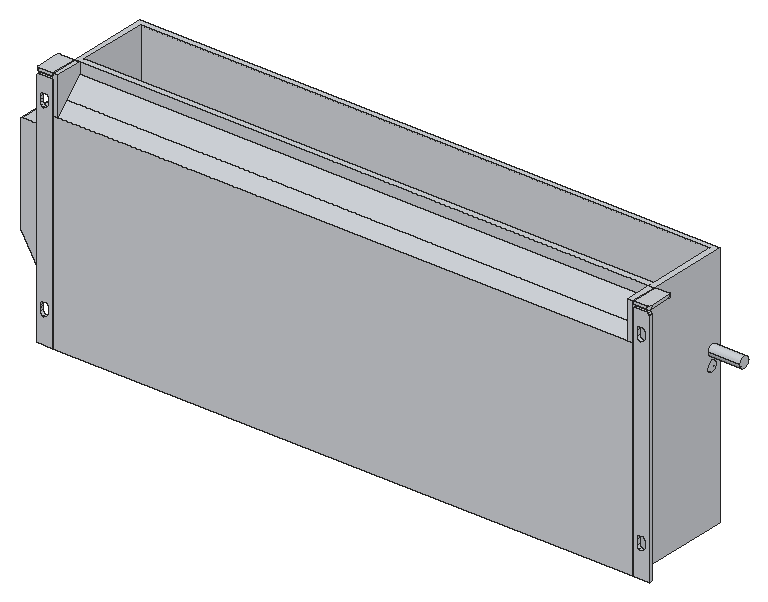
Revit family "Midea_FCU_two pipe 2th Ceiling&Floor MKH3-700R3(R4)(DC50,60Hz)-Floor", category Mechanical Equipment, Revit 2013
Parameters (values of type "MKH3-700-R4")
  clearance access up = 1500.000 mm
  clearance access right = 150.000 mm
  clearance access left = 150.000 mm
  clearance access down = 90.000 mm
  clearance access behind = 50.000 mm
  clearance [instance] = no
  Width = 495.000 mm
  Series = "FCU"
  Rated current = 0.48 A
  Power supply = "220-240V ~50Hz/60Hz"
  Power Input(H/M/L) = "110/89/64 W"
  Panel color = "-"
  Net Weight = 21.70 kg
  Model = "MKH3-700-R4"
  Manufacturer = "Midea"
  Machine material = Galvanized Steel
  Liquid pipe = 19.050 mm
  Installation = "Indoor installation"
  Height = 200.000 mm
  Heating Capacity(H/M/L) = "7.15/5.81/4.04 kW"
  Drain pipe = 18.500 mm
  Description = "High efficiency water cooled"
  Depth = 1360.000 mm
  Cooling Capacity(H/M/L) = "6.75/5.80/4.24 kW"
  Condensation = "water"
  Circuit breaker = 15 A
  Air Flow(H/M/L) = "1150/885/591 m3/h"
Types (3, lengths in mm): name | Rated current | Power Input(H/M/L) | Net Weight | Model | Heating Capacity(H/M/L) | Cooling Capacity(H/M/L) | Air Flow(H/M/L)
  (no name) | 0.48 A | "110/89/64 W" | 21.70 kg | "MKH3-700-R4" | "7.15/5.81/4.04 kW" | "6.75/5.80/4.24 kW" | "1150/885/591 m3/h"
  MKH3-700-R3 | 0.53 A | "123/98/68 W" | 20.50 kg | "MKH3-700-R3" | "6.15/4.92/3.49 kW" | "6.00/5.03/3.71 kW" | "1190/855/555 m3/h"
  MKH3-700-R4 | 0.48 A | "110/89/64 W" | 21.70 kg | "MKH3-700-R4" | "7.15/5.81/4.04 kW" | "6.75/5.80/4.24 kW" | "1150/885/591 m3/h"
Reference planes
  plane 1 "Center (Front/Back)": y = 0
  plane 2: z = 0
  plane 3 "Center (Left/Right)": x = 0
  plane 4: y = -200
  plane 5: z = 455
  plane 6: x = 599
  plane 7: x = -599
  plane 8: z = 445
  plane 9: z = 445
  plane 10: x = -546
  plane 11: z = 355
  plane 12: z = 90
Forms (mm)
  Extrusion 1, solid
    sketch origin (500, 500, 0) x (0, -1, 0) y (0, 0, -1)
      loop
        line (500, -455) -> (650, -455) -> (650, -435) -> (680, -405) -> (700, -385) -> (700, 0) -> (500, 0) -> (500, -455)
    from -1031 to 39
  Extrusion 2, void
    sketch origin (0, 0, 0) x (0, 1, 0) y (0, 0, 1)
      loop
        line (-190, 10) -> (-10, 10) -> (-10, 455) -> (-140, 455) -> (-140, 430.858) -> (-190, 380.858) -> (-190, 10)
    from -521.233 to 528.738
  Extrusion 3, solid
    sketch origin (0, 0, 0) x (0, 1, 0) y (0, 0, 1)
      loop
        line (-200, 385) -> (-150, 435) -> (-150, 455) -> (-200, 455) -> (-200, 385)
    from 528.738 to 539
  Extrusion 4, solid
    sketch origin (0, 0, 0) x (0, 1, 0) y (0, 0, -1)
      loop
        line (-200, -385) -> (-200, -455) -> (-150, -455) -> (-150, -435) -> (-200, -385)
    from 521.233 to 531
  Extrusion 5, solid
    sketch origin (54, 0, 0) x (1, 0, 0) y (0, 1, 0)
      loop
        arc (-610, -150) -> (-613.536, -151.464) -> (-615, -155) r 5
        line (-615, -155) -> (-615, -195)
        arc (-615, -195) -> (-613.536, -198.536) -> (-610, -200) r 5
        line (-610, -200) -> (-585, -200) -> (-585, -150) -> (-610, -150)
      loop
        line (510, -150) -> (485, -150) -> (485, -200) -> (510, -200)
        arc (510, -200) -> (513.536, -198.536) -> (515, -195) r 5
        line (515, -195) -> (515, -155)
        arc (515, -155) -> (513.536, -151.464) -> (510, -150) r 5
    from 450 to 455
  Extrusion 6, solid
    sketch origin (54, 0, 0) x (1, 0, 0) y (0, 0, 1)
      loop
        line (485, 445) -> (485, 0) -> (515, 0) -> (515, 440)
        arc (515, 440) -> (513.536, 443.536) -> (510, 445) r 5
        line (510, 445) -> (485, 445)
      loop
        line (-585, 445) -> (-610, 445)
        arc (-610, 445) -> (-613.536, 443.536) -> (-615, 440) r 5
        line (-615, 440) -> (-615, 0) -> (-585, 0) -> (-585, 445)
      loop
        line (492.5, 410) -> (492.5, 400)
        arc (492.5, 400) -> (500, 392.5) -> (507.5, 400) r 7.5
        line (507.5, 400) -> (507.5, 405) -> (507.5, 410)
        arc (507.5, 410) -> (500, 417.5) -> (492.5, 410) r 7.5
      loop
        arc (-592.5, 410) -> (-600, 417.5) -> (-607.5, 410) r 7.5
        line (-607.5, 410) -> (-607.5, 405) -> (-607.5, 400)
        arc (-607.5, 400) -> (-600, 392.5) -> (-592.5, 400) r 7.5
        line (-592.5, 400) -> (-592.5, 410)
      loop
        arc (-592.5, 65) -> (-600, 72.5) -> (-607.5, 65) r 7.5
        line (-607.5, 65) -> (-607.5, 60) -> (-607.5, 55)
        arc (-607.5, 55) -> (-600, 47.5) -> (-592.5, 55) r 7.5
        line (-592.5, 55) -> (-592.5, 65)
      loop
        line (492.5, 65) -> (492.5, 55)
        arc (492.5, 55) -> (500, 47.5) -> (507.5, 55) r 7.5
        line (507.5, 55) -> (507.5, 60) -> (507.5, 65)
        arc (507.5, 65) -> (500, 72.5) -> (492.5, 65) r 7.5
    from 195 to 200
  Extrusion 7, solid
    sketch origin (-271, 0, 0) x (1, 0, 0) y (0, 0, 1)
      loop
        line (-260, 355) -> (-323, 355)
        arc (-323, 355) -> (-326.536, 353.536) -> (-328, 350) r 5
        line (-328, 350) -> (-328, 176.897)
        arc (-328, 176.897) -> (-327.633, 173.45) -> (-326.332, 170.236) r 12.496
        line (-326.332, 170.236) -> (-280.877, 91.519)
        arc (-280.877, 91.519) -> (-279.983, 90.487) -> (-278.708, 90) r 2.801
        line (-278.708, 90) -> (-260, 90) -> (-260, 355)
    from 30 to 190
  Extrusion 8, solid
    sketch origin (500, 500, 0) x (0, -1, 0) y (0, 0, -1)
      loop
        circle (519.525, -295.408) r 9.525
    from 39 to 99
  Extrusion 9, solid
    sketch origin (-500, 500, 0) x (0, -1, 0) y (0, 0, 1)
      loop
        circle (519.525, 295.408) r 9.525
    from 31 to 99
  Extrusion 10, solid
    sketch origin (500, 498.342, 0) x (0, -1, 0) y (0, 0, -1)
      loop
        circle (517.592, -267.659) r 9.25
    from 28.738 to 39
  Extrusion 11, solid
    sketch origin (-500, 498.342, 0) x (0, -1, 0) y (0, 0, 1)
      loop
        circle (517.592, 267.659) r 9.25
    from 21.233 to 31
Cuts and joins
  Extrusion 2 cuts Extrusion 1
Dimensions and locks
  aligned and locked: level to plane 2
Nested families
  nested 1: "Midea service space" at (-749, -200, 0), visible <- "clearance", type "Midea Service  Space"
    with Width 150.000 mm, Height 455.000 mm, Depth 200.000 mm
  nested 2: "Midea service space" at (599, -200, 0), visible <- "clearance", type "Midea Service  Space"
    with Width 150.000 mm, Height 455.000 mm, Depth 200.000 mm
  nested 3: "Midea service space" at (-599, 0, 0), visible <- "clearance", type "Midea Service  Space"
    with Width 1198.000 mm, Height 455.000 mm, Depth 50.000 mm
  nested 4: "Midea service space" at (-599, -200, 455), visible <- "clearance", type "Midea Service  Space"
    with Width 1198.000 mm, Height 1500.000 mm, Depth 200.000 mm
  nested 5: "Midea service space" at (-599, -200, -90), visible <- "clearance", type "Midea Service  Space"
    with Width 1198.000 mm, Height 90.000 mm, Depth 200.000 mm
Connectors
  piping at (-599, -19.525, 295.408)
    settings: on Extrusion 9, index 1, connector radius 3/8", flow factor 0, pipe flow 0 GPM, pressure drop 0.00 psi, fitting loss kfactor 0, connector angle 0.00°, fixture units 0, engagement length 0.000 mm, flow configuration 0, flow direction 0, fitting loss method 0, system type 7, joint type 0, gender type 0, connector reference index -1, connector utility 0, adjustable connector no, is connector primary yes, fitting loss table "", connector description ""
  piping at (-531, -19.25, 267.659)
    settings: on Extrusion 11, index 2, connector radius 0.36417", flow factor 0, pipe flow 0 GPM, pressure drop 0.00 psi, fitting loss kfactor 0, connector angle 0.00°, fixture units 0, engagement length 0.000 mm, flow configuration 0, flow direction 0, fitting loss method 0, system type 7, joint type 0, gender type 0, connector reference index -1, connector utility 0, adjustable connector no, is connector primary no, fitting loss table "", connector description ""
  piping at (599, -19.525, 295.408)
    settings: on Extrusion 8, index 3, connector radius 3/8", flow factor 0, pipe flow 0 GPM, pressure drop 0.00 psi, fitting loss kfactor 0, connector angle 0.00°, fixture units 0, engagement length 0.000 mm, flow configuration 0, flow direction 0, fitting loss method 0, system type 7, joint type 0, gender type 0, connector reference index -1, connector utility 0, adjustable connector no, is connector primary no, fitting loss table "", connector description ""
  piping at (539, -19.25, 267.659)
    settings: on Extrusion 10, index 4, connector radius 0.36417", flow factor 0, pipe flow 0 GPM, pressure drop 0.00 psi, fitting loss kfactor 0, connector angle 0.00°, fixture units 0, engagement length 0.000 mm, flow configuration 0, flow direction 0, fitting loss method 0, system type 7, joint type 0, gender type 0, connector reference index -1, connector utility 0, adjustable connector no, is connector primary no, fitting loss table "", connector description ""
  electrical at (-599, -110, 263.448)
    settings: on Extrusion 7, index 5, voltage 220 V, apparent load 0 VA, apparent load phase1 0 VA, apparent load phase2 0 VA, apparent load phase3 0 VA, power factor 1, load classification "Other", number of poles 1, system type 30, power factor state 1, is connector primary yes, connector utility no, sub classification motor no, connector description ""
Definition of nested family "Midea service space"
  Parameters (values of type "Midea Service  Space")
    Width [instance] = 500.000 mm
    Height [instance] = 500.000 mm
    Depth [instance] = 500.000 mm
  Reference planes
    plane 1 "Center (Front/Back)": y = 0
    plane 2: z = 0
    plane 3 "Center (Left/Right)": x = 0
    plane 4: z = 500
    plane 5: y = 500
    plane 6: x = 500
  Forms (mm)
    Extrusion 1, solid, material "Midea Service Space-HDY"
      sketch origin (0, 0, 0) x (1, 0, 0) y (0, 1, 0)
        loop
          line (0, 500) -> (0, 0) -> (500, 0) -> (500, 500) -> (0, 500)
      from 0 to 500
  Dimensions and locks
    "Width": plane 3 "Center (Left/Right)" to plane 6
    "Depth": plane 5 to plane 1 "Center (Front/Back)"
    "Height": level to plane 4
    aligned and locked: level to plane 2
    aligned and locked: plane 5 to Extrusion 1
    aligned and locked: Extrusion 1 to plane 6
    aligned and locked: Extrusion 1 to plane 3 "Center (Left/Right)"
    aligned and locked: plane 1 "Center (Front/Back)" to Extrusion 1
    aligned and locked: Extrusion 1 to plane 4
  Automatic sketch dimensions
    Extrusion 1 sketch curve to plane 3 "Center (Left/Right)" = 0.000 mm
    plane 1 "Center (Front/Back)" to Extrusion 1 sketch curve = 0.000 mm
    Extrusion 1 sketch curve to plane 6 = 0.000 mm
    Extrusion 1 sketch curve to plane 5 = 0.000 mm
